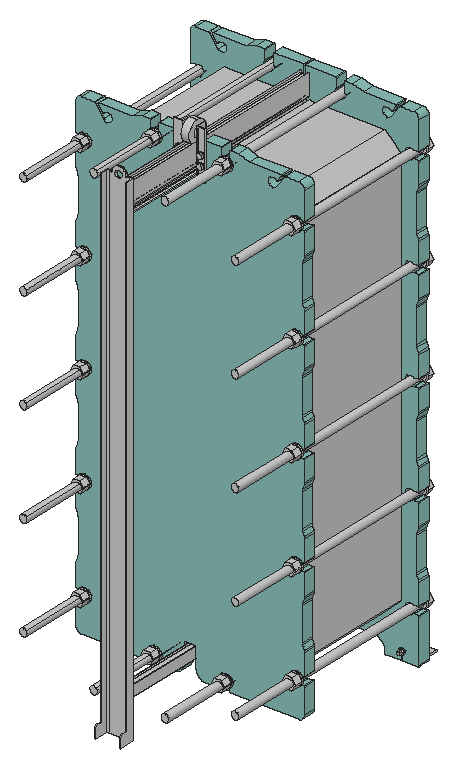
Revit family "MIT 5180 - Heat Exchanger", category Specialty Equipment, Revit 2022
Family settings
  Round Connector Dimension = Use Diameter
  Part Type = Normal
  Work Plane-Based = No
  Always vertical = No
  Cut with Voids When Loaded = No
  Maintain Annotation Orientation = No
  Shared = No
  Room Calculation Point = No
Parameters (values of type "Flanged")
  URL = "https://en.ekinendustriyel.com/plate-heat-exchanger"
  Type Comments = ""
  Thickness_of_Plate [instance] = 0.50 mm  # constant formula
  Number_of_Plate [instance] = 180
  Model = if(Hygienic, if(Design Pressure < 11.0 bar, "H12340000F300L", if(Design Pressure < 16.0 bar, " H12340000F300M", " H12340000F300H")), if(Design Pressure < 10.0 bar, "E12340000F2300L", if(Design Pressure < 16.0 bar, " E12340000F300M", " E12340000F300H")))  # "H12340000F300L"
  Material = Galvanized Steel- S235JR
  Manufacturer = "Ekin Endüstriyel"
  M30 = Design Pressure > 10.0 bar  # no
  Lk [instance] = (Number_of_Plate) * ((Thickness_of_Plate) + 3.30 mm)  # 684.00 mm
  Lh [instance] = 2600.00 mm  # constant formula
  Lf [instance] = 2525.00 mm  # constant formula
  Lc [instance] = if(Number_of_Plate < 181, 1200.00 mm, if(Number_of_Plate < 211, 1800.00 mm, if(Number_of_Plate < 313, 2400.00 mm, if(Number_of_Plate < 415, 3000.00 mm, if(Number_of_Plate < 516, 3600.00 mm, if(Number_of_Plate < 618, 4200.00 mm, 4800.00 mm))))))  # 1200.00 mm
  La [instance] = 1190.00 mm  # constant formula
  Keynote = ""
  Industrial [instance] = not(Hygienic)  # no
  Hygienic = yes
  Head & Follower Plate [instance] = if(Design Pressure < 11.0 bar, 60.00 mm, if(Design Pressure < 17.0 bar, 80.00 mm, 100.00 mm))  # 60.00 mm
  Follower Plate [instance] = -(Head & Follower Plate)  # -60.00 mm
  Design Pressure = 7 bar
  Description = if(Design Pressure < 11.0 bar, "MIT - Heat Exchanger - 10 bar", if(Design Pressure < 16.0 bar, " MIT - Heat Exchanger - 16 bar", " MIT - Heat Exchanger - 25 bar"))  # "MIT - Heat Exchanger - 10 bar"
  Default Elevation = 0.00 mm
Reference planes
  plane 1 "Center (Front/Back)": y = 0
  plane 2: z = 0
  plane 3 "Center (Left/Right)": x = 0
  plane 4: x = 1160
  plane 5: x = -1000
  plane 6 "2": y = -744
  plane 7 "1": y = -60
  plane 8 "3": y = -1260
  plane 9 "Bolt End": y = 18.7
  plane 10: y = -1200
  plane 11 "12": z = 2242
Forms (mm)
  Extrusion 1, solid, material "Galvanized Steel", detail levels fine
    sketch origin (4.063, 0, 0) x (1, 0, 0) y (0, 0, 1)
      loop
        line (471.054, 2580) -> (300.887, 2580) -> (245.937, 2600) -> (204.937, 2600)
        arc (204.937, 2600) -> (202.816, 2599.121) -> (201.937, 2597) r 3
        line (201.937, 2597) -> (201.937, 2548.822)
        arc (201.937, 2548.822) -> (202.101, 2547.842) -> (202.576, 2546.97) r 3
        arc (202.576, 2546.97) -> (180.937, 2502.5) -> (159.298, 2546.97) r 27.5
        arc (159.298, 2546.97) -> (159.773, 2547.842) -> (159.937, 2548.822) r 3
        line (159.937, 2548.822) -> (159.937, 2597)
        arc (159.937, 2597) -> (159.058, 2599.121) -> (156.937, 2600) r 3
        line (156.937, 2600) -> (1.937, 2600)
        arc (1.937, 2600) -> (-0.184, 2599.121) -> (-1.063, 2597) r 3
        line (-1.063, 2597) -> (-1.063, 2550.093)
        arc (-1.063, 2550.093) -> (-0.613, 2548.512) -> (0.604, 2547.406) r 3
        arc (0.604, 2547.406) -> (6.437, 2538) -> (0.604, 2528.594) r 10.5
        arc (0.604, 2528.594) -> (-0.613, 2527.488) -> (-1.063, 2525.907) r 3
        line (-1.063, 2525.907) -> (-1.063, 2490.093)
        arc (-1.063, 2490.093) -> (-0.613, 2488.512) -> (0.604, 2487.406) r 3
        arc (0.604, 2487.406) -> (-4.063, 2467.5) -> (-8.73, 2487.406) r 10.5
        arc (-8.73, 2487.406) -> (-7.514, 2488.512) -> (-7.063, 2490.093) r 3
        line (-7.063, 2490.093) -> (-7.063, 2525.907)
        arc (-7.063, 2525.907) -> (-7.514, 2527.488) -> (-8.73, 2528.594) r 3
        arc (-8.73, 2528.594) -> (-14.563, 2538) -> (-8.73, 2547.406) r 10.5
        arc (-8.73, 2547.406) -> (-7.514, 2548.512) -> (-7.063, 2550.093) r 3
        line (-7.063, 2550.093) -> (-7.063, 2597)
        arc (-7.063, 2597) -> (-7.942, 2599.121) -> (-10.063, 2600) r 3
        line (-10.063, 2600) -> (-165.063, 2600)
        arc (-165.063, 2600) -> (-167.184, 2599.121) -> (-168.063, 2597) r 3
        line (-168.063, 2597) -> (-168.063, 2548.822)
        arc (-168.063, 2548.822) -> (-167.899, 2547.842) -> (-167.424, 2546.97) r 3
        arc (-167.424, 2546.97) -> (-189.063, 2502.5) -> (-210.702, 2546.97) r 27.5
        arc (-210.702, 2546.97) -> (-210.227, 2547.842) -> (-210.063, 2548.822) r 3
        line (-210.063, 2548.822) -> (-210.063, 2597)
        arc (-210.063, 2597) -> (-210.942, 2599.121) -> (-213.063, 2600) r 3
        line (-213.063, 2600) -> (-254.063, 2600) -> (-309.013, 2580) -> (-479.181, 2580)
        arc (-479.181, 2580) -> (-481.842, 2578.385) -> (-481.638, 2575.279) r 3
        line (-481.638, 2575.279) -> (-459.713, 2543.967)
        arc (-459.713, 2543.967) -> (-457.231, 2542.688) -> (-454.771, 2544.007) r 3
        arc (-454.771, 2544.007) -> (-409.064, 2530.202) -> (-454.542, 2515.661) r 25
        line (-454.542, 2515.661) -> (-498.697, 2578.721)
        arc (-498.697, 2578.721) -> (-499.769, 2579.661) -> (-501.154, 2580) r 3
        line (-501.154, 2580) -> (-569.063, 2580)
        arc (-569.063, 2580) -> (-590.276, 2571.213) -> (-599.063, 2550) r 30
        line (-599.063, 2550) -> (-599.063, 2405)
        arc (-599.063, 2405) -> (-598.184, 2402.879) -> (-596.063, 2402) r 3
        line (-596.063, 2402) -> (-573.885, 2402)
        arc (-573.885, 2402) -> (-572.905, 2402.164) -> (-572.033, 2402.639) r 3
        arc (-572.033, 2402.639) -> (-527.563, 2381) -> (-572.033, 2359.361) r 27.5
        arc (-572.033, 2359.361) -> (-572.905, 2359.836) -> (-573.885, 2360) r 3
        line (-573.885, 2360) -> (-596.063, 2360)
        arc (-596.063, 2360) -> (-598.184, 2359.121) -> (-599.063, 2357) r 3
        line (-599.063, 2357) -> (-599.063, 2246.76)
        arc (-599.063, 2246.76) -> (-598.607, 2241.55) -> (-597.254, 2236.499) r 30
        line (-597.254, 2236.499) -> (-588.872, 2213.471)
        arc (-588.872, 2213.471) -> (-587.519, 2208.42) -> (-587.063, 2203.21) r 30
        line (-587.063, 2203.21) -> (-587.063, 2028.79)
        arc (-587.063, 2028.79) -> (-587.519, 2023.58) -> (-588.872, 2018.529) r 30
        line (-588.872, 2018.529) -> (-597.254, 1995.501)
        arc (-597.254, 1995.501) -> (-598.607, 1990.45) -> (-599.063, 1985.24) r 30
        line (-599.063, 1985.24) -> (-599.063, 1875)
        arc (-599.063, 1875) -> (-598.184, 1872.879) -> (-596.063, 1872) r 3
        line (-596.063, 1872) -> (-573.885, 1872)
        arc (-573.885, 1872) -> (-572.905, 1872.164) -> (-572.033, 1872.639) r 3
        arc (-572.033, 1872.639) -> (-527.563, 1851) -> (-572.033, 1829.361) r 27.5
        arc (-572.033, 1829.361) -> (-572.905, 1829.836) -> (-573.885, 1830) r 3
        line (-573.885, 1830) -> (-596.063, 1830)
        arc (-596.063, 1830) -> (-598.184, 1829.121) -> (-599.063, 1827) r 3
        line (-599.063, 1827) -> (-599.063, 1716.76)
        arc (-599.063, 1716.76) -> (-598.607, 1711.55) -> (-597.254, 1706.499) r 30
        line (-597.254, 1706.499) -> (-588.872, 1683.471)
        arc (-588.872, 1683.471) -> (-587.519, 1678.42) -> (-587.063, 1673.21) r 30
        line (-587.063, 1673.21) -> (-587.063, 1498.79)
        arc (-587.063, 1498.79) -> (-587.519, 1493.58) -> (-588.872, 1488.529) r 30
        line (-588.872, 1488.529) -> (-597.254, 1465.501)
        arc (-597.254, 1465.501) -> (-598.607, 1460.45) -> (-599.063, 1455.24) r 30
        line (-599.063, 1455.24) -> (-599.063, 1345)
        arc (-599.063, 1345) -> (-598.184, 1342.879) -> (-596.063, 1342) r 3
        line (-596.063, 1342) -> (-573.885, 1342)
        arc (-573.885, 1342) -> (-572.905, 1342.164) -> (-572.033, 1342.639) r 3
        arc (-572.033, 1342.639) -> (-527.563, 1321) -> (-572.033, 1299.361) r 27.5
        arc (-572.033, 1299.361) -> (-572.905, 1299.836) -> (-573.885, 1300) r 3
        line (-573.885, 1300) -> (-596.063, 1300)
        arc (-596.063, 1300) -> (-598.184, 1299.121) -> (-599.063, 1297) r 3
        line (-599.063, 1297) -> (-599.063, 1186.76)
        arc (-599.063, 1186.76) -> (-598.607, 1181.55) -> (-597.254, 1176.499) r 30
        line (-597.254, 1176.499) -> (-588.872, 1153.471)
        arc (-588.872, 1153.471) -> (-587.519, 1148.42) -> (-587.063, 1143.21) r 30
        line (-587.063, 1143.21) -> (-587.063, 968.79)
        arc (-587.063, 968.79) -> (-587.519, 963.58) -> (-588.872, 958.529) r 30
        line (-588.872, 958.529) -> (-597.254, 935.501)
        arc (-597.254, 935.501) -> (-598.607, 930.45) -> (-599.063, 925.24) r 30
        line (-599.063, 925.24) -> (-599.063, 815)
        arc (-599.063, 815) -> (-598.184, 812.879) -> (-596.063, 812) r 3
        line (-596.063, 812) -> (-573.885, 812)
        arc (-573.885, 812) -> (-572.905, 812.164) -> (-572.033, 812.639) r 3
        arc (-572.033, 812.639) -> (-527.563, 791) -> (-572.033, 769.361) r 27.5
        arc (-572.033, 769.361) -> (-572.905, 769.836) -> (-573.885, 770) r 3
        line (-573.885, 770) -> (-596.063, 770)
        arc (-596.063, 770) -> (-598.184, 769.121) -> (-599.063, 767) r 3
        line (-599.063, 767) -> (-599.063, 656.76)
        arc (-599.063, 656.76) -> (-598.607, 651.55) -> (-597.254, 646.499) r 30
        line (-597.254, 646.499) -> (-588.872, 623.471)
        arc (-588.872, 623.471) -> (-587.519, 618.42) -> (-587.063, 613.21) r 30
        line (-587.063, 613.21) -> (-587.063, 438.79)
        arc (-587.063, 438.79) -> (-587.519, 433.58) -> (-588.872, 428.529) r 30
        line (-588.872, 428.529) -> (-597.254, 405.501)
        arc (-597.254, 405.501) -> (-598.607, 400.45) -> (-599.063, 395.24) r 30
        line (-599.063, 395.24) -> (-599.063, 285)
        arc (-599.063, 285) -> (-598.184, 282.879) -> (-596.063, 282) r 3
        line (-596.063, 282) -> (-573.885, 282)
        arc (-573.885, 282) -> (-572.905, 282.164) -> (-572.033, 282.639) r 3
        arc (-572.033, 282.639) -> (-527.563, 261) -> (-572.033, 239.361) r 27.5
        arc (-572.033, 239.361) -> (-572.905, 239.836) -> (-573.885, 240) r 3
        line (-573.885, 240) -> (-596.063, 240)
        arc (-596.063, 240) -> (-598.184, 239.121) -> (-599.063, 237) r 3
        line (-599.063, 237) -> (-599.063, 10)
        arc (-599.063, 10) -> (-596.134, 2.929) -> (-589.063, 0) r 10
        line (-589.063, 0) -> (-515.063, 0)
        arc (-515.063, 0) -> (-512.942, 0.879) -> (-512.063, 3) r 3
        line (-512.063, 3) -> (-512.063, 32.907)
        arc (-512.063, 32.907) -> (-512.514, 34.488) -> (-513.73, 35.594) r 3
        arc (-513.73, 35.594) -> (-509.063, 55.5) -> (-504.396, 35.594) r 10.5
        arc (-504.396, 35.594) -> (-505.613, 34.488) -> (-506.063, 32.907) r 3
        line (-506.063, 32.907) -> (-506.063, 3)
        arc (-506.063, 3) -> (-505.184, 0.879) -> (-503.063, 0) r 3
        line (-503.063, 0) -> (-429.063, 0)
        arc (-429.063, 0) -> (-421.992, 2.929) -> (-419.063, 10) r 10
        line (-419.063, 10) -> (-419.063, 29.216)
        arc (-419.063, 29.216) -> (-417.541, 36.869) -> (-413.205, 43.358) r 20
        line (-413.205, 43.358) -> (-387.421, 69.142)
        arc (-387.421, 69.142) -> (-380.932, 73.478) -> (-373.279, 75) r 20
        line (-373.279, 75) -> (-213.063, 75)
        arc (-213.063, 75) -> (-210.942, 75.879) -> (-210.063, 78) r 3
        line (-210.063, 78) -> (-210.063, 101.178)
        arc (-210.063, 101.178) -> (-210.227, 102.158) -> (-210.702, 103.03) r 3
        arc (-210.702, 103.03) -> (-189.063, 147.5) -> (-167.424, 103.03) r 27.5
        arc (-167.424, 103.03) -> (-167.899, 102.158) -> (-168.063, 101.178) r 3
        line (-168.063, 101.178) -> (-168.063, 78)
        arc (-168.063, 78) -> (-167.184, 75.879) -> (-165.063, 75) r 3
        line (-165.063, 75) -> (-10.063, 75)
        arc (-10.063, 75) -> (-7.942, 75.879) -> (-7.063, 78) r 3
        line (-7.063, 78) -> (-7.063, 126.907)
        arc (-7.063, 126.907) -> (-7.514, 128.488) -> (-8.73, 129.594) r 3
        arc (-8.73, 129.594) -> (-14.563, 139) -> (-8.73, 148.406) r 10.5
        arc (-8.73, 148.406) -> (-7.514, 149.512) -> (-7.063, 151.093) r 3
        line (-7.063, 151.093) -> (-7.063, 186.907)
        arc (-7.063, 186.907) -> (-7.514, 188.488) -> (-8.73, 189.594) r 3
        arc (-8.73, 189.594) -> (-4.063, 209.5) -> (0.604, 189.594) r 10.5
        arc (0.604, 189.594) -> (-0.613, 188.488) -> (-1.063, 186.907) r 3
        line (-1.063, 186.907) -> (-1.063, 151.093)
        arc (-1.063, 151.093) -> (-0.613, 149.512) -> (0.604, 148.406) r 3
        arc (0.604, 148.406) -> (6.437, 139) -> (0.604, 129.594) r 10.5
        arc (0.604, 129.594) -> (-0.613, 128.488) -> (-1.063, 126.907) r 3
        line (-1.063, 126.907) -> (-1.063, 78)
        arc (-1.063, 78) -> (-0.184, 75.879) -> (1.937, 75) r 3
        line (1.937, 75) -> (156.937, 75)
        arc (156.937, 75) -> (159.058, 75.879) -> (159.937, 78) r 3
        line (159.937, 78) -> (159.937, 101.178)
        arc (159.937, 101.178) -> (159.773, 102.158) -> (159.298, 103.03) r 3
        arc (159.298, 103.03) -> (180.937, 147.5) -> (202.576, 103.03) r 27.5
        arc (202.576, 103.03) -> (202.101, 102.158) -> (201.937, 101.178) r 3
        line (201.937, 101.178) -> (201.937, 78)
        arc (201.937, 78) -> (202.816, 75.879) -> (204.937, 75) r 3
        line (204.937, 75) -> (365.153, 75)
        arc (365.153, 75) -> (372.806, 73.478) -> (379.295, 69.142) r 20
        line (379.295, 69.142) -> (405.079, 43.358)
        arc (405.079, 43.358) -> (409.415, 36.869) -> (410.937, 29.216) r 20
        line (410.937, 29.216) -> (410.937, 10)
        arc (410.937, 10) -> (413.866, 2.929) -> (420.937, 0) r 10
        line (420.937, 0) -> (494.937, 0)
        arc (494.937, 0) -> (497.058, 0.879) -> (497.937, 3) r 3
        line (497.937, 3) -> (497.937, 32.907)
        arc (497.937, 32.907) -> (497.486, 34.488) -> (496.27, 35.594) r 3
        arc (496.27, 35.594) -> (500.937, 55.5) -> (505.604, 35.594) r 10.5
        arc (505.604, 35.594) -> (504.387, 34.488) -> (503.937, 32.907) r 3
        line (503.937, 32.907) -> (503.937, 3)
        arc (503.937, 3) -> (504.816, 0.879) -> (506.937, 0) r 3
        line (506.937, 0) -> (580.937, 0)
        arc (580.937, 0) -> (588.008, 2.929) -> (590.937, 10) r 10
        line (590.937, 10) -> (590.937, 237)
        arc (590.937, 237) -> (590.058, 239.121) -> (587.937, 240) r 3
        line (587.937, 240) -> (565.759, 240)
        arc (565.759, 240) -> (564.779, 239.836) -> (563.907, 239.361) r 3
        arc (563.907, 239.361) -> (519.437, 261) -> (563.907, 282.639) r 27.5
        arc (563.907, 282.639) -> (564.779, 282.164) -> (565.759, 282) r 3
        line (565.759, 282) -> (587.937, 282)
        arc (587.937, 282) -> (590.058, 282.879) -> (590.937, 285) r 3
        line (590.937, 285) -> (590.937, 395.24)
        arc (590.937, 395.24) -> (590.481, 400.45) -> (589.128, 405.501) r 30
        line (589.128, 405.501) -> (580.746, 428.529)
        arc (580.746, 428.529) -> (579.393, 433.58) -> (578.937, 438.79) r 30
        line (578.937, 438.79) -> (578.937, 613.21)
        arc (578.937, 613.21) -> (579.393, 618.42) -> (580.746, 623.471) r 30
        line (580.746, 623.471) -> (589.128, 646.499)
        arc (589.128, 646.499) -> (590.481, 651.55) -> (590.937, 656.76) r 30
        line (590.937, 656.76) -> (590.937, 767)
        arc (590.937, 767) -> (590.058, 769.121) -> (587.937, 770) r 3
        line (587.937, 770) -> (565.759, 770)
        arc (565.759, 770) -> (564.779, 769.836) -> (563.907, 769.361) r 3
        arc (563.907, 769.361) -> (519.437, 791) -> (563.907, 812.639) r 27.5
        arc (563.907, 812.639) -> (564.779, 812.164) -> (565.759, 812) r 3
        line (565.759, 812) -> (587.937, 812)
        arc (587.937, 812) -> (590.058, 812.879) -> (590.937, 815) r 3
        line (590.937, 815) -> (590.937, 925.24)
        arc (590.937, 925.24) -> (590.481, 930.45) -> (589.128, 935.501) r 30
        line (589.128, 935.501) -> (580.746, 958.529)
        arc (580.746, 958.529) -> (579.393, 963.58) -> (578.937, 968.79) r 30
        line (578.937, 968.79) -> (578.937, 1143.21)
        arc (578.937, 1143.21) -> (579.393, 1148.42) -> (580.746, 1153.471) r 30
        line (580.746, 1153.471) -> (589.128, 1176.499)
        arc (589.128, 1176.499) -> (590.481, 1181.55) -> (590.937, 1186.76) r 30
        line (590.937, 1186.76) -> (590.937, 1297)
        arc (590.937, 1297) -> (590.058, 1299.121) -> (587.937, 1300) r 3
        line (587.937, 1300) -> (565.759, 1300)
        arc (565.759, 1300) -> (564.779, 1299.836) -> (563.907, 1299.361) r 3
        arc (563.907, 1299.361) -> (519.437, 1321) -> (563.907, 1342.639) r 27.5
        arc (563.907, 1342.639) -> (564.779, 1342.164) -> (565.759, 1342) r 3
        line (565.759, 1342) -> (587.937, 1342)
        arc (587.937, 1342) -> (590.058, 1342.879) -> (590.937, 1345) r 3
        line (590.937, 1345) -> (590.937, 1455.24)
        arc (590.937, 1455.24) -> (590.481, 1460.45) -> (589.128, 1465.501) r 30
        line (589.128, 1465.501) -> (580.746, 1488.529)
        arc (580.746, 1488.529) -> (579.393, 1493.58) -> (578.937, 1498.79) r 30
        line (578.937, 1498.79) -> (578.937, 1673.21)
        arc (578.937, 1673.21) -> (579.393, 1678.42) -> (580.746, 1683.471) r 30
        line (580.746, 1683.471) -> (589.128, 1706.499)
        arc (589.128, 1706.499) -> (590.481, 1711.55) -> (590.937, 1716.76) r 30
        line (590.937, 1716.76) -> (590.937, 1827)
        arc (590.937, 1827) -> (590.058, 1829.121) -> (587.937, 1830) r 3
        line (587.937, 1830) -> (565.759, 1830)
        arc (565.759, 1830) -> (564.779, 1829.836) -> (563.907, 1829.361) r 3
        arc (563.907, 1829.361) -> (519.437, 1851) -> (563.907, 1872.639) r 27.5
        arc (563.907, 1872.639) -> (564.779, 1872.164) -> (565.759, 1872) r 3
        line (565.759, 1872) -> (587.937, 1872)
        arc (587.937, 1872) -> (590.058, 1872.879) -> (590.937, 1875) r 3
        line (590.937, 1875) -> (590.937, 1985.24)
        arc (590.937, 1985.24) -> (590.481, 1990.45) -> (589.128, 1995.501) r 30
        line (589.128, 1995.501) -> (580.746, 2018.529)
        arc (580.746, 2018.529) -> (579.393, 2023.58) -> (578.937, 2028.79) r 30
        line (578.937, 2028.79) -> (578.937, 2203.21)
        arc (578.937, 2203.21) -> (579.393, 2208.42) -> (580.746, 2213.471) r 30
        line (580.746, 2213.471) -> (589.128, 2236.499)
        arc (589.128, 2236.499) -> (590.481, 2241.55) -> (590.937, 2246.76) r 30
        line (590.937, 2246.76) -> (590.937, 2357)
        arc (590.937, 2357) -> (590.058, 2359.121) -> (587.937, 2360) r 3
        line (587.937, 2360) -> (565.759, 2360)
        arc (565.759, 2360) -> (564.779, 2359.836) -> (563.907, 2359.361) r 3
        arc (563.907, 2359.361) -> (519.437, 2381) -> (563.907, 2402.639) r 27.5
        arc (563.907, 2402.639) -> (564.779, 2402.164) -> (565.759, 2402) r 3
        line (565.759, 2402) -> (587.937, 2402)
        arc (587.937, 2402) -> (590.058, 2402.879) -> (590.937, 2405) r 3
        line (590.937, 2405) -> (590.937, 2550)
        arc (590.937, 2550) -> (582.15, 2571.213) -> (560.937, 2580) r 30
        line (560.937, 2580) -> (493.028, 2580)
        arc (493.028, 2580) -> (491.643, 2579.661) -> (490.571, 2578.721) r 3
        line (490.571, 2578.721) -> (446.416, 2515.661)
        arc (446.416, 2515.661) -> (400.938, 2530.202) -> (446.645, 2544.007) r 25
        arc (446.645, 2544.007) -> (449.105, 2542.688) -> (451.587, 2543.967) r 3
        line (451.587, 2543.967) -> (473.512, 2575.279)
        arc (473.512, 2575.279) -> (473.716, 2578.385) -> (471.054, 2580) r 3
      loop
        circle (293.937, 2242) r 159
      loop
        circle (293.937, 400) r 159
      loop
        circle (-302.063, 2242) r 159
      loop
        circle (-302.063, 400) r 159
    from 0 to 60
  Extrusion 2, solid, material "Galvanized Steel", detail levels fine
    sketch origin (4.063, -744, 0) x (-1, 0, 0) y (0, 0, 1)
      loop
        arc (-471.054, 2580) -> (-473.716, 2578.385) -> (-473.512, 2575.279) r 3
        line (-473.512, 2575.279) -> (-451.587, 2543.967)
        arc (-451.587, 2543.967) -> (-449.105, 2542.688) -> (-446.645, 2544.007) r 3
        arc (-446.645, 2544.007) -> (-400.938, 2530.202) -> (-446.416, 2515.661) r 25
        line (-446.416, 2515.661) -> (-490.571, 2578.721)
        arc (-490.571, 2578.721) -> (-491.643, 2579.661) -> (-493.028, 2580) r 3
        line (-493.028, 2580) -> (-560.937, 2580)
        arc (-560.937, 2580) -> (-582.15, 2571.213) -> (-590.937, 2550) r 30
        line (-590.937, 2550) -> (-590.937, 2405)
        arc (-590.937, 2405) -> (-590.058, 2402.879) -> (-587.937, 2402) r 3
        line (-587.937, 2402) -> (-565.759, 2402)
        arc (-565.759, 2402) -> (-564.779, 2402.164) -> (-563.907, 2402.639) r 3
        arc (-563.907, 2402.639) -> (-519.437, 2381) -> (-563.907, 2359.361) r 27.5
        arc (-563.907, 2359.361) -> (-564.779, 2359.836) -> (-565.759, 2360) r 3
        line (-565.759, 2360) -> (-587.937, 2360)
        arc (-587.937, 2360) -> (-590.058, 2359.121) -> (-590.937, 2357) r 3
        line (-590.937, 2357) -> (-590.937, 2246.76)
        arc (-590.937, 2246.76) -> (-590.481, 2241.55) -> (-589.128, 2236.499) r 30
        line (-589.128, 2236.499) -> (-580.746, 2213.471)
        arc (-580.746, 2213.471) -> (-579.393, 2208.42) -> (-578.937, 2203.21) r 30
        line (-578.937, 2203.21) -> (-578.937, 2028.79)
        arc (-578.937, 2028.79) -> (-579.393, 2023.58) -> (-580.746, 2018.529) r 30
        line (-580.746, 2018.529) -> (-589.128, 1995.501)
        arc (-589.128, 1995.501) -> (-590.481, 1990.45) -> (-590.937, 1985.24) r 30
        line (-590.937, 1985.24) -> (-590.937, 1875)
        arc (-590.937, 1875) -> (-590.058, 1872.879) -> (-587.937, 1872) r 3
        line (-587.937, 1872) -> (-565.759, 1872)
        arc (-565.759, 1872) -> (-564.779, 1872.164) -> (-563.907, 1872.639) r 3
        arc (-563.907, 1872.639) -> (-519.437, 1851) -> (-563.907, 1829.361) r 27.5
        arc (-563.907, 1829.361) -> (-564.779, 1829.836) -> (-565.759, 1830) r 3
        line (-565.759, 1830) -> (-587.937, 1830)
        arc (-587.937, 1830) -> (-590.058, 1829.121) -> (-590.937, 1827) r 3
        line (-590.937, 1827) -> (-590.937, 1716.76)
        arc (-590.937, 1716.76) -> (-590.481, 1711.55) -> (-589.128, 1706.499) r 30
        line (-589.128, 1706.499) -> (-580.746, 1683.471)
        arc (-580.746, 1683.471) -> (-579.393, 1678.42) -> (-578.937, 1673.21) r 30
        line (-578.937, 1673.21) -> (-578.937, 1498.79)
        arc (-578.937, 1498.79) -> (-579.393, 1493.58) -> (-580.746, 1488.529) r 30
        line (-580.746, 1488.529) -> (-589.128, 1465.501)
        arc (-589.128, 1465.501) -> (-590.481, 1460.45) -> (-590.937, 1455.24) r 30
        line (-590.937, 1455.24) -> (-590.937, 1345)
        arc (-590.937, 1345) -> (-590.058, 1342.879) -> (-587.937, 1342) r 3
        line (-587.937, 1342) -> (-565.759, 1342)
        arc (-565.759, 1342) -> (-564.779, 1342.164) -> (-563.907, 1342.639) r 3
        arc (-563.907, 1342.639) -> (-519.437, 1321) -> (-563.907, 1299.361) r 27.5
        arc (-563.907, 1299.361) -> (-564.779, 1299.836) -> (-565.759, 1300) r 3
        line (-565.759, 1300) -> (-587.937, 1300)
        arc (-587.937, 1300) -> (-590.058, 1299.121) -> (-590.937, 1297) r 3
        line (-590.937, 1297) -> (-590.937, 1186.76)
        arc (-590.937, 1186.76) -> (-590.481, 1181.55) -> (-589.128, 1176.499) r 30
        line (-589.128, 1176.499) -> (-580.746, 1153.471)
        arc (-580.746, 1153.471) -> (-579.393, 1148.42) -> (-578.937, 1143.21) r 30
        line (-578.937, 1143.21) -> (-578.937, 968.79)
        arc (-578.937, 968.79) -> (-579.393, 963.58) -> (-580.746, 958.529) r 30
        line (-580.746, 958.529) -> (-589.128, 935.501)
        arc (-589.128, 935.501) -> (-590.481, 930.45) -> (-590.937, 925.24) r 30
        line (-590.937, 925.24) -> (-590.937, 815)
        arc (-590.937, 815) -> (-590.058, 812.879) -> (-587.937, 812) r 3
        line (-587.937, 812) -> (-565.759, 812)
        arc (-565.759, 812) -> (-564.779, 812.164) -> (-563.907, 812.639) r 3
        arc (-563.907, 812.639) -> (-519.437, 791) -> (-563.907, 769.361) r 27.5
        arc (-563.907, 769.361) -> (-564.779, 769.836) -> (-565.759, 770) r 3
        line (-565.759, 770) -> (-587.937, 770)
        arc (-587.937, 770) -> (-590.058, 769.121) -> (-590.937, 767) r 3
        line (-590.937, 767) -> (-590.937, 656.76)
        arc (-590.937, 656.76) -> (-590.481, 651.55) -> (-589.128, 646.499) r 30
        line (-589.128, 646.499) -> (-580.746, 623.471)
        arc (-580.746, 623.471) -> (-579.393, 618.42) -> (-578.937, 613.21) r 30
        line (-578.937, 613.21) -> (-578.937, 438.79)
        arc (-578.937, 438.79) -> (-579.393, 433.58) -> (-580.746, 428.529) r 30
        line (-580.746, 428.529) -> (-589.128, 405.501)
        arc (-589.128, 405.501) -> (-590.481, 400.45) -> (-590.937, 395.24) r 30
        line (-590.937, 395.24) -> (-590.937, 285)
        arc (-590.937, 285) -> (-590.058, 282.879) -> (-587.937, 282) r 3
        line (-587.937, 282) -> (-565.759, 282)
        arc (-565.759, 282) -> (-564.779, 282.164) -> (-563.907, 282.639) r 3
        arc (-563.907, 282.639) -> (-519.437, 261) -> (-563.907, 239.361) r 27.5
        arc (-563.907, 239.361) -> (-564.779, 239.836) -> (-565.759, 240) r 3
        line (-565.759, 240) -> (-587.937, 240)
        arc (-587.937, 240) -> (-590.058, 239.121) -> (-590.937, 237) r 3
        line (-590.937, 237) -> (-590.937, 105)
        arc (-590.937, 105) -> (-582.15, 83.787) -> (-560.937, 75) r 30
        line (-560.937, 75) -> (-204.937, 75)
        arc (-204.937, 75) -> (-202.816, 75.879) -> (-201.937, 78) r 3
        line (-201.937, 78) -> (-201.937, 101.178)
        arc (-201.937, 101.178) -> (-202.101, 102.158) -> (-202.576, 103.03) r 3
        arc (-202.576, 103.03) -> (-180.937, 147.5) -> (-159.298, 103.03) r 27.5
        arc (-159.298, 103.03) -> (-159.773, 102.158) -> (-159.937, 101.178) r 3
        line (-159.937, 101.178) -> (-159.937, 78)
        arc (-159.937, 78) -> (-159.058, 75.879) -> (-156.937, 75) r 3
        line (-156.937, 75) -> (-75.937, 75)
        arc (-75.937, 75) -> (-40.582, 89.645) -> (-25.937, 125) r 50
        line (-25.937, 125) -> (-25.937, 230) -> (34.063, 230) -> (34.063, 125)
        arc (34.063, 125) -> (48.708, 89.645) -> (84.063, 75) r 50
        line (84.063, 75) -> (165.063, 75)
        arc (165.063, 75) -> (167.184, 75.879) -> (168.063, 78) r 3
        line (168.063, 78) -> (168.063, 101.178)
        arc (168.063, 101.178) -> (167.899, 102.158) -> (167.424, 103.03) r 3
        arc (167.424, 103.03) -> (189.063, 147.5) -> (210.702, 103.03) r 27.5
        arc (210.702, 103.03) -> (210.227, 102.158) -> (210.063, 101.178) r 3
        line (210.063, 101.178) -> (210.063, 78)
        arc (210.063, 78) -> (210.942, 75.879) -> (213.063, 75) r 3
        line (213.063, 75) -> (569.063, 75)
        arc (569.063, 75) -> (590.276, 83.787) -> (599.063, 105) r 30
        line (599.063, 105) -> (599.063, 237)
        arc (599.063, 237) -> (598.184, 239.121) -> (596.063, 240) r 3
        line (596.063, 240) -> (573.885, 240)
        arc (573.885, 240) -> (572.905, 239.836) -> (572.033, 239.361) r 3
        arc (572.033, 239.361) -> (527.563, 261) -> (572.033, 282.639) r 27.5
        arc (572.033, 282.639) -> (572.905, 282.164) -> (573.885, 282) r 3
        line (573.885, 282) -> (596.063, 282)
        arc (596.063, 282) -> (598.184, 282.879) -> (599.063, 285) r 3
        line (599.063, 285) -> (599.063, 395.24)
        arc (599.063, 395.24) -> (598.607, 400.45) -> (597.254, 405.501) r 30
        line (597.254, 405.501) -> (588.872, 428.529)
        arc (588.872, 428.529) -> (587.519, 433.58) -> (587.063, 438.79) r 30
        line (587.063, 438.79) -> (587.063, 613.21)
        arc (587.063, 613.21) -> (587.519, 618.42) -> (588.872, 623.471) r 30
        line (588.872, 623.471) -> (597.254, 646.499)
        arc (597.254, 646.499) -> (598.607, 651.55) -> (599.063, 656.76) r 30
        line (599.063, 656.76) -> (599.063, 767)
        arc (599.063, 767) -> (598.184, 769.121) -> (596.063, 770) r 3
        line (596.063, 770) -> (573.885, 770)
        arc (573.885, 770) -> (572.905, 769.836) -> (572.033, 769.361) r 3
        arc (572.033, 769.361) -> (527.563, 791) -> (572.033, 812.639) r 27.5
        arc (572.033, 812.639) -> (572.905, 812.164) -> (573.885, 812) r 3
        line (573.885, 812) -> (596.063, 812)
        arc (596.063, 812) -> (598.184, 812.879) -> (599.063, 815) r 3
        line (599.063, 815) -> (599.063, 925.24)
        arc (599.063, 925.24) -> (598.607, 930.45) -> (597.254, 935.501) r 30
        line (597.254, 935.501) -> (588.872, 958.529)
        arc (588.872, 958.529) -> (587.519, 963.58) -> (587.063, 968.79) r 30
        line (587.063, 968.79) -> (587.063, 1143.21)
        arc (587.063, 1143.21) -> (587.519, 1148.42) -> (588.872, 1153.471) r 30
        line (588.872, 1153.471) -> (597.254, 1176.499)
        arc (597.254, 1176.499) -> (598.607, 1181.55) -> (599.063, 1186.76) r 30
        line (599.063, 1186.76) -> (599.063, 1297)
        arc (599.063, 1297) -> (598.184, 1299.121) -> (596.063, 1300) r 3
        line (596.063, 1300) -> (573.885, 1300)
        arc (573.885, 1300) -> (572.905, 1299.836) -> (572.033, 1299.361) r 3
        arc (572.033, 1299.361) -> (527.563, 1321) -> (572.033, 1342.639) r 27.5
        arc (572.033, 1342.639) -> (572.905, 1342.164) -> (573.885, 1342) r 3
        line (573.885, 1342) -> (596.063, 1342)
        arc (596.063, 1342) -> (598.184, 1342.879) -> (599.063, 1345) r 3
        line (599.063, 1345) -> (599.063, 1455.24)
        arc (599.063, 1455.24) -> (598.607, 1460.45) -> (597.254, 1465.501) r 30
        line (597.254, 1465.501) -> (588.872, 1488.529)
        arc (588.872, 1488.529) -> (587.519, 1493.58) -> (587.063, 1498.79) r 30
        line (587.063, 1498.79) -> (587.063, 1673.21)
        arc (587.063, 1673.21) -> (587.519, 1678.42) -> (588.872, 1683.471) r 30
        line (588.872, 1683.471) -> (597.254, 1706.499)
        arc (597.254, 1706.499) -> (598.607, 1711.55) -> (599.063, 1716.76) r 30
        line (599.063, 1716.76) -> (599.063, 1827)
        arc (599.063, 1827) -> (598.184, 1829.121) -> (596.063, 1830) r 3
        line (596.063, 1830) -> (573.885, 1830)
        arc (573.885, 1830) -> (572.905, 1829.836) -> (572.033, 1829.361) r 3
        arc (572.033, 1829.361) -> (527.563, 1851) -> (572.033, 1872.639) r 27.5
        arc (572.033, 1872.639) -> (572.905, 1872.164) -> (573.885, 1872) r 3
        line (573.885, 1872) -> (596.063, 1872)
        arc (596.063, 1872) -> (598.184, 1872.879) -> (599.063, 1875) r 3
        line (599.063, 1875) -> (599.063, 1985.24)
        arc (599.063, 1985.24) -> (598.607, 1990.45) -> (597.254, 1995.501) r 30
        line (597.254, 1995.501) -> (588.872, 2018.529)
        arc (588.872, 2018.529) -> (587.519, 2023.58) -> (587.063, 2028.79) r 30
        line (587.063, 2028.79) -> (587.063, 2203.21)
        arc (587.063, 2203.21) -> (587.519, 2208.42) -> (588.872, 2213.471) r 30
        line (588.872, 2213.471) -> (597.254, 2236.499)
        arc (597.254, 2236.499) -> (598.607, 2241.55) -> (599.063, 2246.76) r 30
        line (599.063, 2246.76) -> (599.063, 2357)
        arc (599.063, 2357) -> (598.184, 2359.121) -> (596.063, 2360) r 3
        line (596.063, 2360) -> (573.885, 2360)
        arc (573.885, 2360) -> (572.905, 2359.836) -> (572.033, 2359.361) r 3
        arc (572.033, 2359.361) -> (527.563, 2381) -> (572.033, 2402.639) r 27.5
        arc (572.033, 2402.639) -> (572.905, 2402.164) -> (573.885, 2402) r 3
        line (573.885, 2402) -> (596.063, 2402)
        arc (596.063, 2402) -> (598.184, 2402.879) -> (599.063, 2405) r 3
        line (599.063, 2405) -> (599.063, 2550)
        arc (599.063, 2550) -> (590.276, 2571.213) -> (569.063, 2580) r 30
        line (569.063, 2580) -> (501.154, 2580)
        arc (501.154, 2580) -> (499.769, 2579.661) -> (498.697, 2578.721) r 3
        line (498.697, 2578.721) -> (454.542, 2515.661)
        arc (454.542, 2515.661) -> (409.064, 2530.202) -> (454.771, 2544.007) r 25
        arc (454.771, 2544.007) -> (457.231, 2542.688) -> (459.713, 2543.967) r 3
        line (459.713, 2543.967) -> (481.638, 2575.279)
        arc (481.638, 2575.279) -> (481.842, 2578.385) -> (479.181, 2580) r 3
        line (479.181, 2580) -> (309.013, 2580) -> (254.063, 2600) -> (213.063, 2600)
        arc (213.063, 2600) -> (210.942, 2599.121) -> (210.063, 2597) r 3
        line (210.063, 2597) -> (210.063, 2548.822)
        arc (210.063, 2548.822) -> (210.227, 2547.842) -> (210.702, 2546.97) r 3
        arc (210.702, 2546.97) -> (189.063, 2502.5) -> (167.424, 2546.97) r 27.5
        arc (167.424, 2546.97) -> (167.899, 2547.842) -> (168.063, 2548.822) r 3
        line (168.063, 2548.822) -> (168.063, 2597)
        arc (168.063, 2597) -> (167.184, 2599.121) -> (165.063, 2600) r 3
        line (165.063, 2600) -> (79.063, 2600) -> (79.063, 2545) -> (45.063, 2545) -> (45.063, 2530.2) -> (51.751, 2530.2)
        arc (51.751, 2530.2) -> (72.313, 2527.2) -> (51.751, 2524.2) r 10.5
        line (51.751, 2524.2) -> (45.063, 2524.2) -> (45.063, 2480.2) -> (51.751, 2480.2)
        arc (51.751, 2480.2) -> (72.313, 2477.2) -> (51.751, 2474.2) r 10.5
        line (51.751, 2474.2) -> (45.063, 2474.2) -> (45.063, 2400) -> (-36.937, 2400) -> (-36.937, 2474.2) -> (-43.625, 2474.2)
        arc (-43.625, 2474.2) -> (-64.187, 2477.2) -> (-43.625, 2480.2) r 10.5
        line (-43.625, 2480.2) -> (-36.937, 2480.2) -> (-36.937, 2524.2) -> (-43.625, 2524.2)
        arc (-43.625, 2524.2) -> (-64.187, 2527.2) -> (-43.625, 2530.2) r 10.5
        line (-43.625, 2530.2) -> (-36.937, 2530.2) -> (-36.937, 2545) -> (-70.937, 2545) -> (-70.937, 2600) -> (-156.937, 2600)
        arc (-156.937, 2600) -> (-159.058, 2599.121) -> (-159.937, 2597) r 3
        line (-159.937, 2597) -> (-159.937, 2548.822)
        arc (-159.937, 2548.822) -> (-159.773, 2547.842) -> (-159.298, 2546.97) r 3
        arc (-159.298, 2546.97) -> (-180.937, 2502.5) -> (-202.576, 2546.97) r 27.5
        arc (-202.576, 2546.97) -> (-202.101, 2547.842) -> (-201.937, 2548.822) r 3
        line (-201.937, 2548.822) -> (-201.937, 2597)
        arc (-201.937, 2597) -> (-202.816, 2599.121) -> (-204.937, 2600) r 3
        line (-204.937, 2600) -> (-245.937, 2600) -> (-300.887, 2580) -> (-471.054, 2580)
    from 0 to -60 <- "Follower Plate"
  Extrusion 3, solid, material "Galvanized Steel- S235JR"
    sketch origin (0, 0, 0) x (1, 0, 0) y (0, 0, 1)
      loop
        line (-18, 159) -> (18, 159)
        arc (18, 159) -> (19.414, 159.586) -> (20, 161) r 2
        line (20, 161) -> (20, 217)
        arc (20, 217) -> (19.414, 218.414) -> (18, 219) r 2
        line (18, 219) -> (-18, 219)
        arc (-18, 219) -> (-19.414, 218.414) -> (-20, 217) r 2
        line (-20, 217) -> (-20, 161)
        arc (-20, 161) -> (-19.414, 159.586) -> (-18, 159) r 2
      loop
        line (-13, 164) -> (13, 164)
        arc (13, 164) -> (14.414, 164.586) -> (15, 166) r 2
        line (15, 166) -> (15, 212)
        arc (15, 212) -> (14.414, 213.414) -> (13, 214) r 2
        line (13, 214) -> (-13, 214)
        arc (-13, 214) -> (-14.414, 213.414) -> (-15, 212) r 2
        line (-15, 212) -> (-15, 166)
        arc (-15, 166) -> (-14.414, 164.586) -> (-13, 164) r 2
      loop
        line (-21.125, 2455) -> (-6.125, 2455)
        arc (-6.125, 2455) -> (-4.004, 2454.121) -> (-3.125, 2452) r 3
        line (-3.125, 2452) -> (-3.125, 2428)
        arc (-3.125, 2428) -> (-4.004, 2425.879) -> (-6.125, 2425) r 3
        line (-6.125, 2425) -> (-26.125, 2425) -> (-26.125, 2422) -> (-3.125, 2422)
        arc (-3.125, 2422) -> (-1.004, 2422.879) -> (-0.125, 2425) r 3
        arc (-0.125, 2425) -> (0.754, 2422.879) -> (2.875, 2422) r 3
        line (2.875, 2422) -> (25.875, 2422) -> (25.875, 2425) -> (5.875, 2425)
        arc (5.875, 2425) -> (3.754, 2425.879) -> (2.875, 2428) r 3
        line (2.875, 2428) -> (2.875, 2452)
        arc (2.875, 2452) -> (3.754, 2454.121) -> (5.875, 2455) r 3
        line (5.875, 2455) -> (20.875, 2455)
        arc (20.875, 2455) -> (22.289, 2455.586) -> (22.875, 2457) r 2
        line (22.875, 2457) -> (22.875, 2570) -> (19.875, 2570) -> (19.875, 2558) -> (-20.125, 2558) -> (-20.125, 2570) -> (-23.125, 2570) -> (-23.125, 2457)
        arc (-23.125, 2457) -> (-22.539, 2455.586) -> (-21.125, 2455) r 2
      loop
        line (-13.125, 2463) -> (12.875, 2463)
        arc (12.875, 2463) -> (14.289, 2463.586) -> (14.875, 2465) r 2
        line (14.875, 2465) -> (14.875, 2551)
        arc (14.875, 2551) -> (14.289, 2552.414) -> (12.875, 2553) r 2
        line (12.875, 2553) -> (-13.125, 2553)
        arc (-13.125, 2553) -> (-14.539, 2552.414) -> (-15.125, 2551) r 2
        line (-15.125, 2551) -> (-15.125, 2465)
        arc (-15.125, 2465) -> (-14.539, 2463.586) -> (-13.125, 2463) r 2
    from 60 to 1260
  Extrusion 4, solid, material "Galvanized Steel- S235JR"
    sketch origin (0, 0, 0) x (1, 0, 0) y (0, 0, 1)
      loop
        circle (551, 261) r 19.5
      loop
        circle (551, 791) r 19.5
      loop
        circle (551, 1321) r 19.5
      loop
        circle (551, 1851) r 19.5
      loop
        circle (551, 2381) r 19.5
      loop
        circle (185, 2530) r 19.5
      loop
        circle (185, 120) r 19.5
      loop
        circle (-551, 261) r 19.5
      loop
        circle (-551, 791) r 19.5
      loop
        circle (-551, 1321) r 19.5
      loop
        circle (-551, 1851) r 19.5
      loop
        circle (-551, 2381) r 19.5
      loop
        circle (-185, 2530) r 19.5
      loop
        circle (-185, 120) r 19.5
    from 0 to 1200
  Extrusion 5, solid, material "Galvanized Steel- S235JR", detail levels fine
    sketch origin (0, 0, 0) x (1, 0, 0) y (0, 0, 1)
      loop
        line (495.989, 56.275) -> (490.73, 42.833) -> (499.741, 31.558) -> (514.011, 33.725) -> (519.27, 47.167) -> (510.259, 58.442) -> (495.989, 56.275)
      loop
        line (-514.011, 56.275) -> (-519.27, 42.833) -> (-510.259, 31.558) -> (-495.989, 33.725) -> (-490.73, 47.167) -> (-499.741, 58.442) -> (-514.011, 56.275)
    from -21 to -8
  Extrusion 6, solid, material "Galvanized Steel- S235JR", detail levels fine
    sketch origin (276.226, -60, -33.535) x (1, 0, 0) y (0, 0, 1)
      loop
        circle (228.774, 78.535) r 15
      loop
        circle (-781.226, 78.535) r 15
    from 0 to 3
  Extrusion 7, solid, material "Galvanized Steel- S235JR", detail levels fine
    sketch origin (0, 0, 0) x (1, 0, 0) y (0, 0, 1)
      loop
        circle (505, 45) r 8
      loop
        circle (-505, 45) r 8
    from 84 to -8
  Extrusion 8, solid, material "Galvanized Steel- S235JR", detail levels fine
    sketch origin (29.639, -60, 34.419) x (1, 0, 0) y (0, 0, 1)
      loop
        line (466.35, 21.856) -> (461.091, 8.414) -> (470.102, -2.861) -> (484.373, -0.694) -> (489.631, 12.747) -> (480.62, 24.023) -> (466.35, 21.856)
      loop
        line (-543.65, 21.856) -> (-548.909, 8.414) -> (-539.898, -2.861) -> (-525.627, -0.694) -> (-520.369, 12.747) -> (-529.38, 24.023) -> (-543.65, 21.856)
    from 11 to 3
  Extrusion 9, solid, material "Galvanized Steel- S235JR", detail levels fine
    sketch origin (0, 0, 0) x (1, 0, 0) y (0, 0, 1)
      loop
        line (344.75, 616.983) -> (331.477, 602.036) -> (337.785, 583.068) -> (357.366, 579.046) -> (370.639, 593.993) -> (364.331, 612.962) -> (344.75, 616.983)
      loop
        line (428.01, 558.23) -> (423.988, 538.649) -> (438.936, 525.376) -> (457.904, 531.684) -> (461.925, 551.265) -> (446.978, 564.538) -> (428.01, 558.23)
      loop
        line (476.433, 457.079) -> (482.742, 438.111) -> (502.323, 434.089) -> (515.596, 449.037) -> (509.288, 468.005) -> (489.707, 472.027) -> (476.433, 457.079)
      loop
        line (481.068, 360.215) -> (477.046, 340.634) -> (491.993, 327.361) -> (510.962, 333.669) -> (514.983, 353.25) -> (500.036, 366.523) -> (481.068, 360.215)
      loop
        line (436.649, 274.012) -> (423.376, 259.064) -> (429.684, 240.096) -> (449.265, 236.075) -> (462.538, 251.022) -> (456.23, 269.99) -> (436.649, 274.012)
      loop
        line (336.111, 215.258) -> (332.089, 195.677) -> (347.037, 182.404) -> (366.005, 188.712) -> (370.027, 208.293) -> (355.079, 221.567) -> (336.111, 215.258)
      loop
        line (251.25, 616.983) -> (231.669, 612.962) -> (225.361, 593.993) -> (238.634, 579.046) -> (258.215, 583.068) -> (264.523, 602.036) -> (251.25, 616.983)
      loop
        line (167.99, 558.23) -> (149.022, 564.538) -> (134.075, 551.265) -> (138.096, 531.684) -> (157.064, 525.376) -> (172.012, 538.649) -> (167.99, 558.23)
      loop
        line (119.567, 457.079) -> (106.293, 472.027) -> (86.712, 468.005) -> (80.404, 449.037) -> (93.677, 434.089) -> (113.258, 438.111) -> (119.567, 457.079)
      loop
        line (114.932, 360.215) -> (95.964, 366.523) -> (81.017, 353.25) -> (85.038, 333.669) -> (104.007, 327.361) -> (118.954, 340.634) -> (114.932, 360.215)
      loop
        line (159.351, 274.012) -> (139.77, 269.99) -> (133.462, 251.022) -> (146.735, 236.075) -> (166.316, 240.096) -> (172.624, 259.064) -> (159.351, 274.012)
      loop
        line (259.889, 215.258) -> (240.921, 221.567) -> (225.973, 208.293) -> (229.995, 188.712) -> (248.963, 182.404) -> (263.911, 195.677) -> (259.889, 215.258)
      loop
        line (-344.75, 616.983) -> (-364.331, 612.962) -> (-370.639, 593.993) -> (-357.366, 579.046) -> (-337.785, 583.068) -> (-331.477, 602.036) -> (-344.75, 616.983)
      loop
        line (-428.01, 558.23) -> (-446.978, 564.538) -> (-461.925, 551.265) -> (-457.904, 531.684) -> (-438.936, 525.376) -> (-423.988, 538.649) -> (-428.01, 558.23)
      loop
        line (-476.433, 457.079) -> (-489.707, 472.027) -> (-509.288, 468.005) -> (-515.596, 449.037) -> (-502.323, 434.089) -> (-482.742, 438.111) -> (-476.433, 457.079)
      loop
        line (-481.068, 360.215) -> (-500.036, 366.523) -> (-514.983, 353.25) -> (-510.962, 333.669) -> (-491.993, 327.361) -> (-477.046, 340.634) -> (-481.068, 360.215)
      loop
        line (-436.649, 274.012) -> (-456.23, 269.99) -> (-462.538, 251.022) -> (-449.265, 236.075) -> (-429.684, 240.096) -> (-423.376, 259.064) -> (-436.649, 274.012)
      loop
        line (-336.111, 215.258) -> (-355.079, 221.567) -> (-370.027, 208.293) -> (-366.005, 188.712) -> (-347.037, 182.404) -> (-332.089, 195.677) -> (-336.111, 215.258)
      loop
        line (-251.25, 616.983) -> (-264.523, 602.036) -> (-258.215, 583.068) -> (-238.634, 579.046) -> (-225.361, 593.993) -> (-231.669, 612.962) -> (-251.25, 616.983)
      loop
        line (-167.99, 558.23) -> (-172.012, 538.649) -> (-157.064, 525.376) -> (-138.096, 531.684) -> (-134.075, 551.265) -> (-149.022, 564.538) -> (-167.99, 558.23)
      loop
        line (-119.567, 457.079) -> (-113.258, 438.111) -> (-93.677, 434.089) -> (-80.404, 449.037) -> (-86.712, 468.005) -> (-106.293, 472.027) -> (-119.567, 457.079)
      loop
        line (-114.932, 360.215) -> (-118.954, 340.634) -> (-104.007, 327.361) -> (-85.038, 333.669) -> (-81.017, 353.25) -> (-95.964, 366.523) -> (-114.932, 360.215)
      loop
        line (-159.351, 274.012) -> (-172.624, 259.064) -> (-166.316, 240.096) -> (-146.735, 236.075) -> (-133.462, 251.022) -> (-139.77, 269.99) -> (-159.351, 274.012)
      loop
        line (-259.889, 215.258) -> (-263.911, 195.677) -> (-248.963, 182.404) -> (-229.995, 188.712) -> (-225.973, 208.293) -> (-240.921, 221.567) -> (-259.889, 215.258)
      loop
        line (344.75, 2458.983) -> (331.477, 2444.036) -> (337.785, 2425.068) -> (357.366, 2421.046) -> (370.639, 2435.993) -> (364.331, 2454.962) -> (344.75, 2458.983)
      loop
        line (428.01, 2400.23) -> (423.988, 2380.649) -> (438.936, 2367.376) -> (457.904, 2373.684) -> (461.925, 2393.265) -> (446.978, 2406.538) -> (428.01, 2400.23)
      loop
        line (476.433, 2299.079) -> (482.742, 2280.111) -> (502.323, 2276.089) -> (515.596, 2291.037) -> (509.288, 2310.005) -> (489.707, 2314.027) -> (476.433, 2299.079)
      loop
        line (481.068, 2202.215) -> (477.046, 2182.634) -> (491.993, 2169.361) -> (510.962, 2175.669) -> (514.983, 2195.25) -> (500.036, 2208.523) -> (481.068, 2202.215)
      loop
        line (436.649, 2116.012) -> (423.376, 2101.064) -> (429.684, 2082.096) -> (449.265, 2078.075) -> (462.538, 2093.022) -> (456.23, 2111.99) -> (436.649, 2116.012)
      loop
        line (336.111, 2057.258) -> (332.089, 2037.677) -> (347.037, 2024.404) -> (366.005, 2030.712) -> (370.027, 2050.293) -> (355.079, 2063.567) -> (336.111, 2057.258)
      loop
        line (251.25, 2458.983) -> (231.669, 2454.962) -> (225.361, 2435.993) -> (238.634, 2421.046) -> (258.215, 2425.068) -> (264.523, 2444.036) -> (251.25, 2458.983)
      loop
        line (167.99, 2400.23) -> (149.022, 2406.538) -> (134.075, 2393.265) -> (138.096, 2373.684) -> (157.064, 2367.376) -> (172.012, 2380.649) -> (167.99, 2400.23)
      loop
        line (119.567, 2299.079) -> (106.293, 2314.027) -> (86.712, 2310.005) -> (80.404, 2291.037) -> (93.677, 2276.089) -> (113.258, 2280.111) -> (119.567, 2299.079)
      loop
        line (114.932, 2202.215) -> (95.964, 2208.523) -> (81.017, 2195.25) -> (85.038, 2175.669) -> (104.007, 2169.361) -> (118.954, 2182.634) -> (114.932, 2202.215)
      loop
        line (159.351, 2116.012) -> (139.77, 2111.99) -> (133.462, 2093.022) -> (146.735, 2078.075) -> (166.316, 2082.096) -> (172.624, 2101.064) -> (159.351, 2116.012)
      loop
        line (259.889, 2057.258) -> (240.921, 2063.567) -> (225.973, 2050.293) -> (229.995, 2030.712) -> (248.963, 2024.404) -> (263.911, 2037.677) -> (259.889, 2057.258)
      loop
        line (-344.75, 2458.983) -> (-364.331, 2454.962) -> (-370.639, 2435.993) -> (-357.366, 2421.046) -> (-337.785, 2425.068) -> (-331.477, 2444.036) -> (-344.75, 2458.983)
      loop
        line (-428.01, 2400.23) -> (-446.978, 2406.538) -> (-461.925, 2393.265) -> (-457.904, 2373.684) -> (-438.936, 2367.376) -> (-423.988, 2380.649) -> (-428.01, 2400.23)
      loop
        line (-476.433, 2299.079) -> (-489.707, 2314.027) -> (-509.288, 2310.005) -> (-515.596, 2291.037) -> (-502.323, 2276.089) -> (-482.742, 2280.111) -> (-476.433, 2299.079)
      loop
        line (-481.068, 2202.215) -> (-500.036, 2208.523) -> (-514.983, 2195.25) -> (-510.962, 2175.669) -> (-491.993, 2169.361) -> (-477.046, 2182.634) -> (-481.068, 2202.215)
      loop
        line (-436.649, 2116.012) -> (-456.23, 2111.99) -> (-462.538, 2093.022) -> (-449.265, 2078.075) -> (-429.684, 2082.096) -> (-423.376, 2101.064) -> (-436.649, 2116.012)
      loop
        line (-336.111, 2057.258) -> (-355.079, 2063.567) -> (-370.027, 2050.293) -> (-366.005, 2030.712) -> (-347.037, 2024.404) -> (-332.089, 2037.677) -> (-336.111, 2057.258)
      loop
        line (-251.25, 2458.983) -> (-264.523, 2444.036) -> (-258.215, 2425.068) -> (-238.634, 2421.046) -> (-225.361, 2435.993) -> (-231.669, 2454.962) -> (-251.25, 2458.983)
      loop
        line (-167.99, 2400.23) -> (-172.012, 2380.649) -> (-157.064, 2367.376) -> (-138.096, 2373.684) -> (-134.075, 2393.265) -> (-149.022, 2406.538) -> (-167.99, 2400.23)
      loop
        line (-119.567, 2299.079) -> (-113.258, 2280.111) -> (-93.677, 2276.089) -> (-80.404, 2291.037) -> (-86.712, 2310.005) -> (-106.293, 2314.027) -> (-119.567, 2299.079)
      loop
        line (-114.932, 2202.215) -> (-118.954, 2182.634) -> (-104.007, 2169.361) -> (-85.038, 2175.669) -> (-81.017, 2195.25) -> (-95.964, 2208.523) -> (-114.932, 2202.215)
      loop
        line (-159.351, 2116.012) -> (-172.624, 2101.064) -> (-166.316, 2082.096) -> (-146.735, 2078.075) -> (-133.462, 2093.022) -> (-139.77, 2111.99) -> (-159.351, 2116.012)
      loop
        line (-259.889, 2057.258) -> (-263.911, 2037.677) -> (-248.963, 2024.404) -> (-229.995, 2030.712) -> (-225.973, 2050.293) -> (-240.921, 2063.567) -> (-259.889, 2057.258)
    from -56 to -37
  Extrusion 10, solid, material "Galvanized Steel- S235JR", detail levels fine
    sketch origin (0, 0, 0) x (1, 0, 0) y (0, 0, 1)
      loop
        line (-12.169, 146.762) -> (-12.806, 132.342) -> (-0.637, 124.58) -> (12.169, 131.238) -> (12.806, 145.658) -> (0.637, 153.42) -> (-12.169, 146.762)
      loop
        line (-12.169, 206.762) -> (-12.806, 192.342) -> (-0.637, 184.58) -> (12.169, 191.238) -> (12.806, 205.658) -> (0.637, 213.42) -> (-12.169, 206.762)
      loop
        line (-12.169, 2545.762) -> (-12.806, 2531.342) -> (-0.637, 2523.58) -> (12.169, 2530.238) -> (12.806, 2544.658) -> (0.637, 2552.42) -> (-12.169, 2545.762)
      loop
        line (-12.169, 2485.762) -> (-12.806, 2471.342) -> (-0.637, 2463.58) -> (12.169, 2470.238) -> (12.806, 2484.658) -> (0.637, 2492.42) -> (-12.169, 2485.762)
    from 0 to -10
  Extrusion 11, solid, material "Galvanized Steel- S235JR", detail levels medium+fine
    sketch origin (0, 0, 0) x (1, 0, 0) y (0, 1, 0)
      loop
        line (-67.5, -1340) -> (-62.5, -1340) -> (-62.5, -1278)
        arc (-62.5, -1278) -> (-59.571, -1270.929) -> (-52.5, -1268) r 10
        line (-52.5, -1268) -> (52.5, -1268)
        arc (52.5, -1268) -> (59.571, -1270.929) -> (62.5, -1278) r 10
        line (62.5, -1278) -> (62.5, -1340) -> (67.5, -1340) -> (67.5, -1260) -> (-67.5, -1260) -> (-67.5, -1340)
    from 0 to 2655.2
  Extrusion 12, solid, material "Galvanized Steel- S235JR", detail levels medium+fine
    sketch origin (0, 0, 0) x (1, 0, 0) y (0, 0, 1)
      loop
        circle (185, 120) r 35
      loop
        circle (551, 261) r 35
      loop
        circle (551, 791) r 35
      loop
        circle (551, 1321) r 35
      loop
        circle (551, 1851) r 35
      loop
        circle (551, 2381) r 35
      loop
        circle (185, 2530) r 35
      loop
        circle (-185, 120) r 35
      loop
        circle (-551, 261) r 35
      loop
        circle (-551, 791) r 35
      loop
        circle (-551, 1321) r 35
      loop
        circle (-551, 1851) r 35
      loop
        circle (-551, 2381) r 35
      loop
        circle (-185, 2530) r 35
    from 0 to -8
  Extrusion 13, solid, material "Galvanized Steel- S235JR", detail levels fine
    sketch origin (4.063, -804, 0) x (1, 0, 0) y (0, 0, 1)
      loop
        line (163.383, 149.192) -> (146.879, 119.394) -> (164.433, 90.202) -> (198.491, 90.808) -> (214.995, 120.606) -> (197.441, 149.798) -> (163.383, 149.192)
      loop
        line (530.315, 290.733) -> (512.877, 261.471) -> (529.499, 231.738) -> (563.559, 231.267) -> (580.997, 260.529) -> (564.375, 290.262) -> (530.315, 290.733)
      loop
        line (530.315, 820.733) -> (512.877, 791.471) -> (529.499, 761.738) -> (563.559, 761.267) -> (580.997, 790.529) -> (564.375, 820.262) -> (530.315, 820.733)
      loop
        line (530.315, 1350.733) -> (512.877, 1321.471) -> (529.499, 1291.738) -> (563.559, 1291.267) -> (580.997, 1320.529) -> (564.375, 1350.262) -> (530.315, 1350.733)
      loop
        line (512.877, 1851.471) -> (529.499, 1821.738) -> (563.559, 1821.267) -> (580.997, 1850.529) -> (564.375, 1880.262) -> (530.315, 1880.733) -> (512.877, 1851.471)
      loop
        line (530.315, 2410.733) -> (512.877, 2381.471) -> (529.499, 2351.738) -> (563.559, 2351.267) -> (580.997, 2380.529) -> (564.375, 2410.262) -> (530.315, 2410.733)
      loop
        line (163.383, 2559.192) -> (146.879, 2529.394) -> (164.433, 2500.202) -> (198.491, 2500.808) -> (214.995, 2530.606) -> (197.441, 2559.798) -> (163.383, 2559.192)
      loop
        line (-171.509, 149.192) -> (-205.567, 149.798) -> (-223.121, 120.606) -> (-206.617, 90.808) -> (-172.559, 90.202) -> (-155.005, 119.394) -> (-171.509, 149.192)
      loop
        line (-538.441, 290.733) -> (-572.501, 290.262) -> (-589.123, 260.529) -> (-571.685, 231.267) -> (-537.625, 231.738) -> (-521.003, 261.471) -> (-538.441, 290.733)
      loop
        line (-538.441, 820.733) -> (-572.501, 820.262) -> (-589.123, 790.529) -> (-571.685, 761.267) -> (-537.625, 761.738) -> (-521.003, 791.471) -> (-538.441, 820.733)
      loop
        line (-538.441, 1350.733) -> (-572.501, 1350.262) -> (-589.123, 1320.529) -> (-571.685, 1291.267) -> (-537.625, 1291.738) -> (-521.003, 1321.471) -> (-538.441, 1350.733)
      loop
        line (-521.003, 1851.471) -> (-538.441, 1880.733) -> (-572.501, 1880.262) -> (-589.123, 1850.529) -> (-571.685, 1821.267) -> (-537.625, 1821.738) -> (-521.003, 1851.471)
      loop
        line (-538.441, 2410.733) -> (-572.501, 2410.262) -> (-589.123, 2380.529) -> (-571.685, 2351.267) -> (-537.625, 2351.738) -> (-521.003, 2381.471) -> (-538.441, 2410.733)
      loop
        line (-171.509, 2559.192) -> (-205.567, 2559.798) -> (-223.121, 2530.606) -> (-206.617, 2500.808) -> (-172.559, 2500.202) -> (-155.005, 2529.394) -> (-171.509, 2559.192)
    from 8 to 48.4
  Extrusion 14, solid, material "Galvanized Steel- S235JR", detail levels fine
    sketch origin (4.063, -804, 0) x (1, 0, 0) y (0, 0, 1)
      loop
        circle (180.937, 120) r 35
      loop
        circle (546.937, 261) r 35
      loop
        circle (546.937, 791) r 35
      loop
        circle (546.937, 1321) r 35
      loop
        circle (546.937, 1851) r 35
      loop
        circle (546.937, 2381) r 35
      loop
        circle (180.937, 2530) r 35
      loop
        circle (-189.063, 120) r 35
      loop
        circle (-555.063, 261) r 35
      loop
        circle (-555.063, 791) r 35
      loop
        circle (-555.063, 1321) r 35
      loop
        circle (-555.063, 1851) r 35
      loop
        circle (-555.063, 2381) r 35
      loop
        circle (-189.063, 2530) r 35
    from 8 to 0
  Extrusion 15, solid, material "Galvanized Steel- S235JR", detail levels medium+fine
    sketch origin (0, 0, 0) x (1, 0, 0) y (0, 0, 1)
      loop
        line (167.446, 149.192) -> (150.942, 119.394) -> (168.496, 90.202) -> (202.554, 90.808) -> (219.058, 120.606) -> (201.504, 149.798) -> (167.446, 149.192)
      loop
        line (534.378, 290.733) -> (516.94, 261.471) -> (533.562, 231.738) -> (567.622, 231.267) -> (585.06, 260.529) -> (568.438, 290.262) -> (534.378, 290.733)
      loop
        line (534.378, 820.733) -> (516.94, 791.471) -> (533.562, 761.738) -> (567.622, 761.267) -> (585.06, 790.529) -> (568.438, 820.262) -> (534.378, 820.733)
      loop
        line (534.378, 1350.733) -> (516.94, 1321.471) -> (533.562, 1291.738) -> (567.622, 1291.267) -> (585.06, 1320.529) -> (568.438, 1350.262) -> (534.378, 1350.733)
      loop
        line (516.94, 1851.471) -> (533.562, 1821.738) -> (567.622, 1821.267) -> (585.06, 1850.529) -> (568.438, 1880.262) -> (534.378, 1880.733) -> (516.94, 1851.471)
      loop
        line (534.378, 2410.733) -> (516.94, 2381.471) -> (533.562, 2351.738) -> (567.622, 2351.267) -> (585.06, 2380.529) -> (568.438, 2410.262) -> (534.378, 2410.733)
      loop
        line (167.446, 2559.192) -> (150.942, 2529.394) -> (168.496, 2500.202) -> (202.554, 2500.808) -> (219.058, 2530.606) -> (201.504, 2559.798) -> (167.446, 2559.192)
      loop
        line (-167.446, 149.192) -> (-201.504, 149.798) -> (-219.058, 120.606) -> (-202.554, 90.808) -> (-168.496, 90.202) -> (-150.942, 119.394) -> (-167.446, 149.192)
      loop
        line (-534.378, 290.733) -> (-568.438, 290.262) -> (-585.06, 260.529) -> (-567.622, 231.267) -> (-533.562, 231.738) -> (-516.94, 261.471) -> (-534.378, 290.733)
      loop
        line (-534.378, 820.733) -> (-568.438, 820.262) -> (-585.06, 790.529) -> (-567.622, 761.267) -> (-533.562, 761.738) -> (-516.94, 791.471) -> (-534.378, 820.733)
      loop
        line (-534.378, 1350.733) -> (-568.438, 1350.262) -> (-585.06, 1320.529) -> (-567.622, 1291.267) -> (-533.562, 1291.738) -> (-516.94, 1321.471) -> (-534.378, 1350.733)
      loop
        line (-516.94, 1851.471) -> (-534.378, 1880.733) -> (-568.438, 1880.262) -> (-585.06, 1850.529) -> (-567.622, 1821.267) -> (-533.562, 1821.738) -> (-516.94, 1851.471)
      loop
        line (-534.378, 2410.733) -> (-568.438, 2410.262) -> (-585.06, 2380.529) -> (-567.622, 2351.267) -> (-533.562, 2351.738) -> (-516.94, 2381.471) -> (-534.378, 2410.733)
      loop
        line (-167.446, 2559.192) -> (-201.504, 2559.798) -> (-219.058, 2530.606) -> (-202.554, 2500.808) -> (-168.496, 2500.202) -> (-150.942, 2529.394) -> (-167.446, 2559.192)
    from -8 to -45
  Extrusion 16, solid, material "Galvanized Steel- S235JR", detail levels medium+fine
    sketch origin (0, 0, 0) x (1, 0, 0) y (0, 0, 1)
      loop
        circle (298, 2242) r 230
      loop
        circle (-298, 2242) r 230
      loop
        circle (-298, 2242) r 163.75
      loop
        circle (298, 2242) r 163.75
      loop
        circle (298, 400) r 230
      loop
        circle (298, 400) r 163.75
      loop
        circle (-298, 400) r 230
      loop
        circle (-298, 400) r 163.75
    from -37 to 0
  Extrusion 17, void
    sketch origin (202.5, -37.5, 7.5) x (0, 1, 0) y (-1, 0, 0)
      loop
        line (122.5, -238) -> (122.5, 643) -> (37.5, 643) -> (37.5, -238) -> (122.5, -238)
      loop
        line (88.664, -285.875) -> (122.5, -285.875) -> (122.5, -268.875) -> (88.664, -268.875)
        arc (88.664, -268.875) -> (72, -277.375) -> (88.664, -285.875) r 10.5
      loop
        line (88.664, -335.875) -> (122.5, -335.875) -> (122.5, -318.875) -> (88.664, -318.875)
        arc (88.664, -318.875) -> (72, -327.375) -> (88.664, -335.875) r 10.5
      loop
        line (88.664, 673.875) -> (122.5, 673.875) -> (122.5, 690.875) -> (88.664, 690.875)
        arc (88.664, 690.875) -> (72, 682.375) -> (88.664, 673.875) r 10.5
